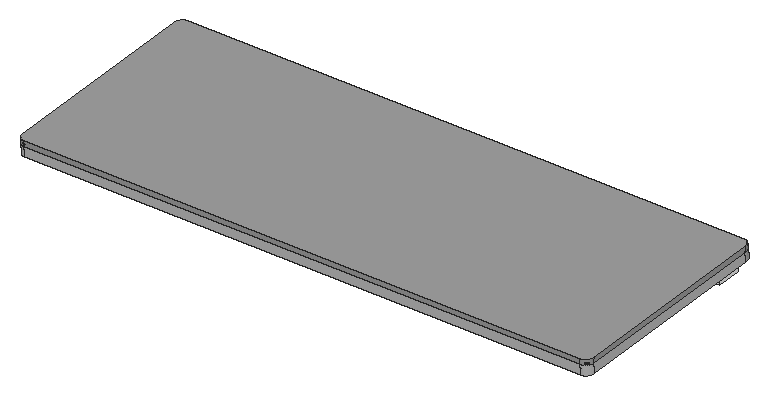
Revit family "HP Keyboard", category Generic Models, Revit 2012
Reference planes
  plane 1 "Center (Front/Back)": y = 0
  plane 2: z = 0
  plane 3 "Center (Left/Right)": x = 0
Forms (mm)
  Extrusion 1, solid, material "Alumium"
    sketch origin (-7.825, -44.98, 5.354) x (1, 0, 0) y (0, 0.996195, 0.087156)
      loop
        line (-222.175, 39.973) -> (-222.175, -112.824)
        arc (-222.175, -112.824) -> (-220.315, -117.314) -> (-215.825, -119.174) r 6.35
        line (-215.825, -119.174) -> (231.475, -119.174)
        arc (231.475, -119.174) -> (235.965, -117.314) -> (237.825, -112.824) r 6.35
        line (237.825, -112.824) -> (237.825, 39.973)
        arc (237.825, 39.973) -> (235.965, 44.463) -> (231.475, 46.323) r 6.35
        line (231.475, 46.323) -> (-215.825, 46.323)
        arc (-215.825, 46.323) -> (-220.315, 44.463) -> (-222.175, 39.973) r 6.35
    from 3.175 to 13.489
  Extrusion 2, solid, material "Plastic White"
    sketch origin (-7.825, -44.747, 0) x (0, 1, 0) y (0, 0, 1)
      loop
        line (40.479, 8.916) -> (22.26, 7.322) -> (22.901, 0) -> (41.119, 1.594) -> (40.479, 8.916)
    from -213.825 to 229.968
  Extrusion 3, solid, material "-Computer Keyboard Decal"
    sketch origin (-7.825, -63.307, 15.424) x (1, 0, 0) y (0, 0.996195, 0.087156)
      loop
        line (-222.175, 57.353) -> (-222.175, -95.445)
        arc (-222.175, -95.445) -> (-220.315, -99.935) -> (-215.825, -101.795) r 6.35
        line (-215.825, -101.795) -> (231.475, -101.795)
        arc (231.475, -101.795) -> (235.965, -99.935) -> (237.825, -95.445) r 6.35
        line (237.825, -95.445) -> (237.825, 57.353)
        arc (237.825, 57.353) -> (235.965, 61.843) -> (231.475, 63.703) r 6.35
        line (231.475, 63.703) -> (-215.825, 63.703)
        arc (-215.825, 63.703) -> (-220.315, 61.843) -> (-222.175, 57.353) r 6.35
    from -0.584 to 3.273
Dimensions and locks
  Extrusion 3 to plane 1 "Center (Front/Back)" = 165 mm
  Extrusion 3 to Extrusion 3 = 460 mm
  aligned and locked: level to plane 2
